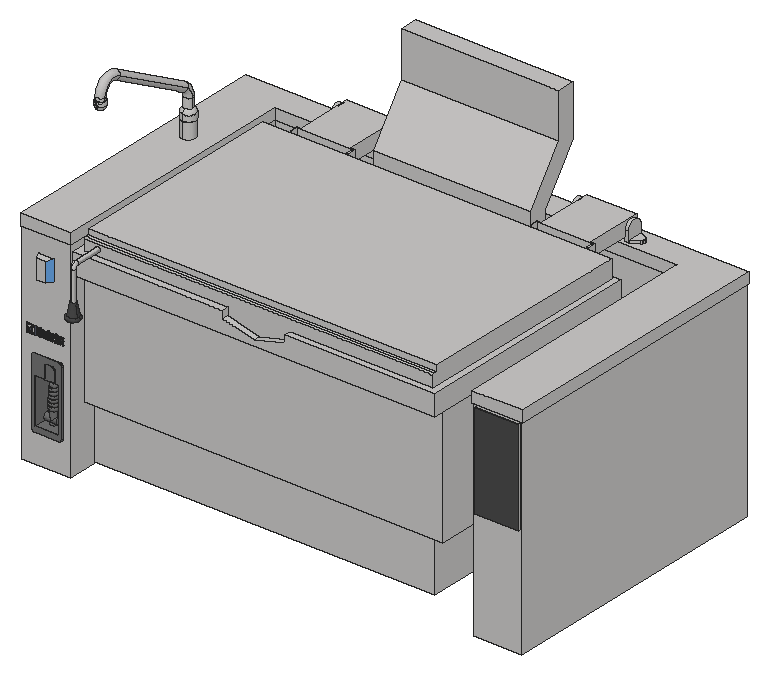
Revit family "QF_ELECTROLUXPROFESSIONAL_586933_PFET17GCCS", category Specialty Equipment, Revit 2018
Family settings
  Round Connector Dimension = Use Radius
  Part Type = Normal
  Work Plane-Based = No
  Always vertical = Yes
  Cut with Voids When Loaded = No
  Shared = Yes
  Room Calculation Point = No
Parameters (values of type "Standard")
  Weight = 300.00 kg
  Watts = 0 W
  Volts = 230 V
  URL Manufacturer = "http://professional.electrolux.com"
  URL = "http://professional.electrolux.com"
  Steam Supply Size = 0"
  Steam Supply Minimum Pressure = 0.00 psi
  Steam Supply Maximum Pressure = 0.00 psi
  Steam Pounds per Hour = 0
  Show Logo [instance] = yes
  Refrigeration Suction Line Size = 0"
  Refrigeration Liquid Line Size = 0"
  Refrigerant Compressor Remote = yes
  Plinth Base Finish [instance] = QF_Finishes_Concrete
  Plinth Base [instance] = not(Base Height = 500.00 mm)  # yes
  Phase = 1
  Model = "PFET17GCCS"
  Manufacturer = "Electrolux Professional"
  Length Actual = 1600.00 mm  # constant formula
  Item Number = "586933"
  Hot Water Size = 1/2"
  Height Actual = 700.00 mm  # constant formula
  HP = "0.3 HP"
  Gas Size = 1"
  Gas KW = 29
  Gas Input Pressure = 0.941485 Btu/h
  Direct Waste Size = 0"
  Description = "GAS TILTING BRAISING PAN,AUTO H/C WATER FILL INLET,SPRAY GUN, 170L,H700,COMPOUND,FS,D900,REAR CLS KIT,GUID.COOK.S"
  Depth Actual = 900.00 mm  # constant formula
  Cycle = 50 Hz
  Condensate Return Size = 0"
  Compressed Air Volume = 0 GPM
  Compressed Air Size = 0"
  Compressed Air Pressure = 0.00 psi
  Cold Water Size = 1/2"
  Bracket [instance] = Base Height = 500.00 mm  # no
  Body Finish [instance] = QF_Finishes_Stainless Steel
  Base Height = 200.00 mm
  Show Clearance [instance] = yes
  Assembly Code = ""
  Accessory = yes
Reference planes
  plane 1 "BACK": y = 0
  plane 2: z = 0
  plane 3 "LEFT": x = 0
  plane 4 "RIGHT": x = 1600
  plane 5 "FRONT": y = -900
  plane 6 "TOP": z = 900
  plane 7: z = 200
  plane 8 "Center": x = 800
  plane 9: y = -450
  plane 10: y = -971
  plane 11: z = 913.881
  plane 12: z = 1865
  plane 13: y = -1014
Forms (mm)
  Extrusion 1, solid, material "QF_Finishes_Stainless Steel" <- "Body Finish"
    sketch origin (0, 0, 900) x (-1, 0, 0) y (0, -1, 0)
      loop
        line (0, 0) -> (0, 900) -> (-160, 900) -> (-160, 86) -> (-1440, 86) -> (-1440, 900) -> (-1600, 900) -> (-1600, 0) -> (0, 0)
    from 0 to -35
  Extrusion 2, solid, material "QF_Finishes_Stainless Steel" <- "Body Finish"
    sketch origin (0, 0, 0) x (1, 0, 0) y (0, 0, 1)
      loop
        line (157, 865) -> (157, 500) -> (1443, 500) -> (1443, 865) -> (157, 865)
    from 3 to 83
  Extrusion 3, solid, material "QF_Finishes_Stainless Steel" <- "Body Finish"
    sketch origin (0, 0, 0) x (1, 0, 0) y (0, 0, 1)
      loop
        line (230, 454.5) -> (1370, 454.5) -> (1370, 833) -> (230, 833) -> (230, 454.5)
    from 235 to 929.3
  Extrusion 4, solid, material "QF_Finishes_Stainless Steel" <- "Body Finish"
    sketch origin (-975.299, -4572, 900) x (-1, 0, 0) y (0, -1, 0)
      loop
        line (-1300.839, -4342) -> (-1304.839, -4342) -> (-1304.839, -4362.7) -> (-1480.839, -4362.7) -> (-1480.839, -4342) -> (-1484.839, -4342) -> (-1484.839, -4366.7) -> (-1472.239, -4366.7) -> (-1472.239, -4549.945) -> (-1313.239, -4549.945) -> (-1313.239, -4366.7) -> (-1300.839, -4366.7) -> (-1300.839, -4342)
      loop
        line (-2249.759, -4342) -> (-2249.759, -4366.7) -> (-2237.359, -4366.7) -> (-2237.359, -4549.945) -> (-2078.359, -4549.945) -> (-2078.359, -4366.7) -> (-2065.759, -4366.7) -> (-2065.759, -4342) -> (-2069.759, -4342) -> (-2069.759, -4362.7) -> (-2245.759, -4362.7) -> (-2245.759, -4342) -> (-2249.759, -4342)
    from 11 to 56
  Sweep 5, solid, material "QF_Finishes_Stainless Steel" <- "Body Finish"
    path origin (287.976, -51.8, 0) x (0, 1, 0) y (0, 0, 1)
      loop
        line (-897.5, 920) -> (-985.5, 920)
        arc (-985.5, 920) -> (-994.07, 916.45) -> (-997.619, 907.881) r 12.119
        line (-997.619, 907.881) -> (-997.619, 813.956)
    profile origin (287.976, -993.3, 920) x (0, 0, -1) y (1, 0, 0)
      loop
        circle (0, 0) r 6.119
  Revolve 6, solid, material "QF_Finishes_Black"
    sketch origin (0, -1049.419, 0) x (1, 0, 0) y (0, 0, 1)
      loop
        line (287.976, 764.909) -> (304.041, 764.909)
        arc (304.041, 764.909) -> (309.041, 769.909) -> (304.041, 774.909) r 5
        line (304.041, 774.909) -> (296.452, 813.956) -> (287.976, 813.956) -> (287.976, 764.909)
      axis (287.976, 813.956) -> (287.976, 764.909)
    angle from 0 to 360
  Extrusion 7, void
    sketch origin (0, -820, 0) x (1, 0, 0) y (0, 0, 1)
      loop
        line (700.793, 900) -> (700.793, 876.744) -> (800.793, 851.202) -> (900.793, 876.744) -> (900.793, 900) -> (700.793, 900)
    from 129.3 to 151
  Extrusion 8, solid, material "QF_Finishes_Stainless Steel" <- "Body Finish"
    sketch origin (337.94, -101, 900) x (0, 1, 0) y (0, 0, -1)
      loop
        line (31, 0) -> (31, -32)
        arc (31, -32) -> (54.973, -55.973) -> (78.945, -32) r 23.973
        line (78.945, -32) -> (78.945, 0) -> (31, 0)
    from 0 to 12.9
  Extrusion 9, solid, material "QF_Finishes_Stainless Steel" <- "Body Finish"
    sketch origin (509.84, -101, 900) x (0, 1, 0) y (0, 0, -1)
      loop
        line (31, 0) -> (31, -32)
        arc (31, -32) -> (54.973, -55.973) -> (78.945, -32) r 23.973
        line (78.945, -32) -> (78.945, 0) -> (31, 0)
    from 0 to 12.9
  Extrusion 10, solid, material "QF_Finishes_Stainless Steel" <- "Body Finish"
    sketch origin (862.06, -101, 900) x (0, 1, 0) y (0, 0, 1)
      loop
        line (31, 0) -> (78.945, 0) -> (78.945, 32)
        arc (78.945, 32) -> (54.973, 55.973) -> (31, 32) r 23.973
        line (31, 32) -> (31, 0)
    from 400 to 412.9
  Extrusion 11, solid, material "QF_Finishes_Stainless Steel" <- "Body Finish"
    sketch origin (690.16, -101, 900) x (0, 1, 0) y (0, 0, 1)
      loop
        line (31, 0) -> (78.945, 0) -> (78.945, 32)
        arc (78.945, 32) -> (54.973, 55.973) -> (31, 32) r 23.973
        line (31, 32) -> (31, 0)
    from 400 to 412.9
  Extrusion 12, solid, material "QF_Finishes_Stainless Steel" <- "Body Finish"
    sketch origin (1443, -897, 0) x (1, 0, 0) y (0, 0, 1)
      loop
        line (7, 553.501) -> (147, 553.501) -> (147, 855) -> (7, 855) -> (7, 553.501)
    from 0 to 5
  Blend 13, solid, material "QF_Finishes_Stainless Steel" <- "Body Finish"
    base sketch origin (157, -897, 0) x (-1, 0, 0) y (0, 0, -1)
      loop
        line (100.5, -805.4) -> (100.5, -738.6) -> (53.5, -738.6) -> (53.5, -805.4) -> (100.5, -805.4)
    top sketch origin (157, -897, 0) x (-1, 0, 0) y (0, 0, -1)
      loop
        line (90.448, -802.617) -> (90.448, -741.383) -> (63.552, -741.383) -> (63.552, -802.617) -> (90.448, -802.617)
    from 0 to 20.065
  Extrusion 14, solid, material "QF_Finishes_Stainless Steel" <- "Body Finish"
    sketch origin (0, 0, 900) x (-1, 0, 0) y (0, -1, 0)
      loop
        line (-298.768, 36.346) -> (-295.234, 39.408) -> (-293.291, 43.662) -> (-293.291, 47.996) -> (-295.234, 52.592) -> (-298.768, 55.654) -> (-325.04, 70) -> (-325.04, 22) -> (-298.768, 36.346)
      loop
        line (-536.112, 36.346) -> (-509.84, 22) -> (-509.84, 70) -> (-536.112, 55.654) -> (-539.646, 52.592) -> (-541.589, 47.996) -> (-541.589, 43.662) -> (-539.646, 39.408) -> (-536.112, 36.346)
      loop
        line (-1063.888, 36.346) -> (-1060.354, 39.408) -> (-1058.411, 43.662) -> (-1058.411, 47.996) -> (-1060.354, 52.592) -> (-1063.888, 55.654) -> (-1090.16, 70) -> (-1090.16, 22) -> (-1063.888, 36.346)
      loop
        line (-1301.232, 36.346) -> (-1274.96, 22) -> (-1274.96, 70) -> (-1301.232, 55.654) -> (-1304.766, 52.592) -> (-1306.709, 47.996) -> (-1306.709, 43.662) -> (-1304.766, 39.408) -> (-1301.232, 36.346)
    from 0 to 8
  Extrusion 15, solid, material "QF_Finishes_Stainless Steel" <- "Body Finish"
    sketch origin (0, 0, 0) x (0, 1, 0) y (0, 0, 1)
      loop
        line (-934.3, 957.5) -> (-934.3, 939.75) -> (-946.264, 939.75)
        arc (-946.264, 939.75) -> (-948.435, 938.566) -> (-949.3, 936.25) r 3.536
        line (-949.3, 936.25) -> (-949.3, 900) -> (-240, 900) -> (-240, 957.5) -> (-934.3, 957.5)
    from 245.454 to 1355.493
  Revolve 16, solid, material "QF_Finishes_Stainless Steel" <- "Body Finish"
    sketch origin (-975.299, -4643, 730) x (-1, 0, 0) y (0, -1, 0)
      loop
        line (-1205.299, -4000) -> (-1138.736, -4000) -> (-1138.736, -4030) -> (-1132.299, -4030) -> (-1132.299, -3943) -> (-1205.299, -3943) -> (-1205.299, -4000)
      loop
        line (-2345.299, -4000) -> (-2345.299, -3943) -> (-2418.299, -3943) -> (-2418.299, -4030) -> (-2411.861, -4030) -> (-2411.861, -4000) -> (-2345.299, -4000)
      axis (-1132.299, -3943) -> (-2418.299, -3943)
    angle from 0 to 360
  Extrusion 17, solid, material "QF_Finishes_Stainless Steel" <- "Body Finish", visible <- "Bracket"
    sketch origin (0, 0, -400) x (0, 1, 0) y (0, 0, 1)
      loop
        line (0, 900) -> (-200, 900) -> (-200, 775) -> (-136.36, 711.36) -> (0, 711.36) -> (0, 900)
    from 25.741 to 134.773
  Extrusion 18, solid, material "QF_Finishes_Stainless Steel" <- "Body Finish", visible <- "Bracket"
    sketch origin (1040, 0, -400) x (0, 1, 0) y (0, 0, 1)
      loop
        line (0, 900) -> (-200, 900) -> (-200, 775) -> (-136.36, 711.36) -> (0, 711.36) -> (0, 900)
    from 425.741 to 534.773
  Extrusion 19, solid, material "QF_Finishes_Stainless Steel" <- "Body Finish"
    sketch origin (-975.299, -4572, 900) x (-1, 0, 0) y (0, -1, 0)
      loop
        line (-1199.802, -4342) -> (-1199.802, -3601) -> (-2353.192, -3601) -> (-2353.192, -4342) -> (-1199.802, -4342)
    from -67 to 0
  Extrusion 20, solid, material "QF_Finishes_Clearance", visible <- "Show Clearance", detail levels coarse
    sketch origin (337.94, -101, 900) x (0, 1, 0) y (0, 0, -1)
      loop
        line (78.945, -56) -> (-870, -56)
        arc (-870, -56) -> (-682.309, -622.559) -> (-193.481, -965) r 948.945
        line (-193.481, -965) -> (78.945, -56)
    from -1017.553 to 92.486
  Extrusion 21, solid, material "QF_Finishes_Clearance", visible <- "Show Clearance", detail levels coarse
    sketch origin (600, 0, 0) x (0, 1, 0) y (0, 0, 1)
      loop
        line (-929.3, 501.989) -> (-929.3, 833) -> (-971, 833) -> (-971, 900)
        arc (-971, 900) -> (-1019.265, 693.753) -> (-929.3, 501.989) r 322.819
    from -375.497 to 777.893
  Extrusion 22, solid, material "QF_Finishes_Stainless Steel"
    sketch origin (0, 0, 386.36) x (0, 0, 1) y (1, 0, 0)
      loop
        circle (8.64, 106.204) r 6.35
      loop
        circle (8.64, 46.204) r 6.35
      loop
        circle (-41.36, 75) r 12.7
    from 0 to 5
  Extrusion 23, solid, material "QF_Finishes_Stainless Steel"
    sketch origin (1040, 0, 386.36) x (0, 0, 1) y (1, 0, 0)
      loop
        circle (-66.36, 481.204) r 6.35
    from 0 to 5
  Extrusion 24, solid, material "QF_Finishes_Stainless Steel" <- "Body Finish"
    sketch origin (796.81, 0, 0) x (0, 1, 0) y (0, 0, 1)
      loop
        line (-180, 956) -> (-180, 598) -> (-230, 598) -> (-230, 540) -> (-122, 540) -> (-122, 937.155) -> (-10.18, 1091.061) -> (-10.18, 1254) -> (-68.18, 1254) -> (-68.18, 1109.907) -> (-180, 956)
    from -246.81 to 253.19
  Extrusion 25, solid, material "QF_Finishes_Stainless Steel" <- "Body Finish"
    sketch origin (0, 0, 29.5) x (1, 0, 0) y (0, 0, 1)
      loop
        line (256.991, 425) -> (256.991, 263.5) -> (1342.245, 263.5) -> (1342.245, 425) -> (256.991, 425)
    from 235 to 925
  Extrusion 26, solid, material "QF_Finishes_Stainless Steel" <- "Body Finish"
    sketch origin (0, -100, 0) x (1, 0, 0) y (0, 1, 0)
      loop
        line (157, 97) -> (3, 97) -> (3, -797) -> (157, -797) -> (157, 97)
      loop
        line (1597, 97) -> (1443, 97) -> (1443, -797) -> (1597, -797) -> (1597, 97)
    from 200 to 865
  Extrusion 27, solid, material "Navy Blue", visible <- "Show Logo"
    sketch origin (160, -897, 0) x (-1, 0, 0) y (0, 0, -1)
      loop
        line (101.332, -593.18) -> (109.793, -593.18) -> (109.793, -583.327)
        arc (109.793, -583.327) -> (108.679, -580.639) -> (105.991, -579.525) r 3.802
        line (105.991, -579.525) -> (101.168, -579.525) -> (101.168, -581.736) -> (105.441, -581.736)
        arc (105.441, -581.736) -> (106.845, -582.21) -> (107.442, -583.566) r 1.838
        line (107.442, -583.566) -> (107.442, -585.52) -> (101.698, -585.52) -> (101.698, -587.738) -> (107.442, -587.738) -> (107.442, -590.968) -> (101.332, -590.968) -> (101.332, -593.18)
      loop
        line (99.498, -593.18) -> (99.498, -579.525) -> (97.146, -579.525) -> (97.146, -593.18) -> (99.498, -593.18)
      loop
        line (48.417, -593.18) -> (48.417, -579.525) -> (46.064, -579.525) -> (46.064, -593.18) -> (48.417, -593.18)
      loop
        line (93.257, -583.886) -> (85.539, -583.886)
        arc (85.539, -583.886) -> (86.746, -588.126) -> (90.874, -589.672) r 4.89
        arc (90.874, -589.672) -> (94.51, -587.828) -> (95.548, -583.886) r 4.976
        arc (95.548, -583.886) -> (94.182, -580.589) -> (90.886, -579.224) r 4.662
        arc (90.886, -579.224) -> (88.32, -579.602) -> (86.169, -581.05) r 5.86
        line (86.169, -581.05) -> (87.562, -582.444)
        arc (87.562, -582.444) -> (89.391, -581.347) -> (91.516, -581.531) r 3.458
        arc (91.516, -581.531) -> (92.812, -582.394) -> (93.257, -583.886) r 2.29
      loop
        line (93.198, -585.539) -> (87.902, -585.539)
        arc (87.902, -585.539) -> (88.645, -587.103) -> (90.278, -587.679) r 2.256
        arc (90.278, -587.679) -> (92.162, -587.188) -> (93.198, -585.539) r 2.64
      loop
        line (76.371, -586.524) -> (74.894, -588)
        arc (74.894, -588) -> (76.746, -589.341) -> (78.997, -589.742) r 5.117
        arc (78.997, -589.742) -> (82.429, -588.487) -> (84.231, -585.308) r 5.293
        arc (84.231, -585.308) -> (81.194, -579.733) -> (74.977, -581.018) r 5.33
        line (74.977, -581.018) -> (76.446, -582.487)
        arc (76.446, -582.487) -> (79.616, -581.438) -> (81.887, -583.886) r 3.088
        arc (81.887, -583.886) -> (81.729, -585.821) -> (80.396, -587.234) r 2.933
        arc (80.396, -587.234) -> (78.264, -587.559) -> (76.371, -586.524) r 3.369
      loop
        line (73.45, -593.18) -> (73.45, -583.849)
        arc (73.45, -583.849) -> (73.246, -582.449) -> (72.722, -581.135) r 6.031
        arc (72.722, -581.135) -> (71.044, -579.8) -> (68.918, -579.519) r 4.018
        line (68.918, -579.519) -> (68.918, -581.723)
        arc (68.918, -581.723) -> (69.55, -581.771) -> (70.139, -582.005) r 2.118
        arc (70.139, -582.005) -> (70.895, -582.804) -> (71.098, -583.886) r 1.949
        line (71.098, -583.886) -> (71.098, -587.265) -> (68.962, -587.265) -> (68.962, -589.401) -> (71.098, -589.401) -> (71.098, -593.18) -> (73.45, -593.18)
      loop
        arc (64.65, -584.717) -> (64.482, -585.701) -> (63.997, -586.574) r 2.967
        arc (63.997, -586.574) -> (62.588, -587.297) -> (61.004, -587.265) r 3.231
        line (61.004, -587.265) -> (61.004, -589.525)
        arc (61.004, -589.525) -> (63.073, -589.33) -> (64.65, -587.977) r 3.432
        line (64.65, -587.977) -> (64.65, -589.401) -> (66.983, -589.401) -> (66.983, -579.525) -> (64.65, -579.525) -> (64.65, -584.717)
      loop
        circle (55.254, -584.461) r 5.233
      loop
        circle (55.254, -584.461) r 3.172
      loop
        arc (37.582, -583.638) -> (38.162, -582.041) -> (39.738, -581.405) r 2.088
        arc (39.738, -581.405) -> (41.313, -582.041) -> (41.894, -583.638) r 2.088
        line (41.894, -583.638) -> (41.894, -589.401) -> (44.266, -589.401) -> (44.266, -583.442)
        arc (44.266, -583.442) -> (42.916, -580.365) -> (39.738, -579.275) r 4.181
        arc (39.738, -579.275) -> (36.524, -580.398) -> (35.211, -583.539) r 4.181
        line (35.211, -583.539) -> (35.211, -589.401) -> (37.582, -589.401) -> (37.582, -583.638)
      loop
        line (33.789, -589.401) -> (30.374, -584.764) -> (34.126, -579.522) -> (31.598, -579.522) -> (29.107, -583.001) -> (26.58, -579.522) -> (24.068, -579.522) -> (27.767, -584.817) -> (24.385, -589.401) -> (26.952, -589.401) -> (29.115, -586.469) -> (31.245, -589.401) -> (33.789, -589.401)
      loop
        line (108.47, -573.865) -> (110.346, -573.865) -> (110.346, -569.143) -> (109.319, -569.143) -> (109.319, -570.769) -> (108.185, -570.769)
        arc (108.185, -570.769) -> (106.916, -572.447) -> (108.47, -573.865) r 1.561
      loop
        arc (108.23, -571.697) -> (107.841, -572.304) -> (108.23, -572.911) r 0.668
        line (108.23, -572.911) -> (109.319, -572.911) -> (109.319, -571.697) -> (108.23, -571.697)
      loop
        line (101.061, -573.865) -> (102.968, -573.865) -> (102.968, -569.143) -> (101.942, -569.143) -> (101.942, -570.769) -> (100.949, -570.769) -> (100.27, -569.143) -> (99.168, -569.143) -> (100.097, -571.134)
        arc (100.097, -571.134) -> (99.652, -571.665) -> (99.502, -572.343) r 1.458
        arc (99.502, -572.343) -> (99.971, -573.421) -> (101.061, -573.865) r 1.559
      loop
        line (101.942, -572.911) -> (101.942, -571.697) -> (100.852, -571.697)
        arc (100.852, -571.697) -> (100.464, -572.304) -> (100.852, -572.911) r 0.668
        line (100.852, -572.911) -> (101.942, -572.911)
      loop
        circle (93.139, -571.504) r 2.453
      loop
        circle (93.139, -571.504) r 1.557
      loop
        line (86.655, -573.865) -> (86.655, -569.143) -> (85.654, -569.143) -> (85.654, -570.793) -> (83.876, -570.793) -> (83.876, -571.851) -> (85.654, -571.851) -> (85.654, -572.847) -> (83.706, -572.847) -> (83.706, -573.865) -> (86.655, -573.865)
      loop
        line (79.724, -573.865) -> (79.724, -570.677)
        arc (79.724, -570.677) -> (79.288, -569.596) -> (78.213, -569.146) r 1.51
        line (78.213, -569.146) -> (76.689, -569.146) -> (76.689, -570.038) -> (78.122, -570.038)
        arc (78.122, -570.038) -> (78.65, -570.475) -> (78.753, -571.151) r 0.961
        line (78.753, -571.151) -> (76.866, -571.151) -> (76.866, -572.043) -> (78.753, -572.043) -> (78.753, -572.973) -> (76.735, -572.973) -> (76.735, -573.865) -> (79.724, -573.865)
      loop
        arc (62.624, -573.267) -> (63.249, -573.78) -> (64.041, -573.943) r 1.69
        arc (64.041, -573.943) -> (64.773, -573.764) -> (65.374, -573.31) r 1.872
        arc (65.374, -573.31) -> (65.486, -572.238) -> (64.794, -571.411) r 1.385
        arc (64.794, -571.411) -> (64.212, -571.217) -> (63.66, -570.95) r 4.78
        arc (63.66, -570.95) -> (63.312, -570.539) -> (63.552, -570.057) r 0.489
        arc (63.552, -570.057) -> (63.998, -569.952) -> (64.442, -570.065) r 0.963
        arc (64.442, -570.065) -> (64.826, -570.341) -> (65.061, -570.752) r 1.118
        line (65.061, -570.752) -> (65.887, -570.367)
        arc (65.887, -570.367) -> (65.589, -569.793) -> (65.11, -569.36) r 1.815
        arc (65.11, -569.36) -> (64.566, -569.127) -> (63.978, -569.068) r 1.957
        arc (63.978, -569.068) -> (63.25, -569.213) -> (62.595, -569.561) r 2.556
        arc (62.595, -569.561) -> (62.305, -570.331) -> (62.455, -571.139) r 1.535
        arc (62.455, -571.139) -> (62.778, -571.512) -> (63.19, -571.781) r 1.779
        arc (63.19, -571.781) -> (63.712, -572.014) -> (64.248, -572.215) r 9.371
        arc (64.248, -572.215) -> (64.557, -572.696) -> (64.11, -573.053) r 0.427
        arc (64.11, -573.053) -> (63.575, -572.924) -> (63.163, -572.558) r 1.135
        line (63.163, -572.558) -> (62.624, -573.267)
      loop
        line (58.291, -573.865) -> (58.291, -569.146) -> (57.321, -569.146) -> (57.321, -573.865) -> (58.291, -573.865)
      loop
        circle (50.779, -571.506) r 1.468
      loop
        circle (50.779, -571.506) r 2.451
      loop
        line (44.27, -569.146) -> (43.289, -569.146) -> (43.289, -572.113) -> (41.131, -569.146) -> (40.187, -569.146) -> (40.187, -573.865) -> (41.168, -573.865) -> (41.168, -570.808) -> (43.326, -573.865) -> (44.27, -573.865) -> (44.27, -569.146)
      loop
        line (35.295, -569.146) -> (34.836, -570.164) -> (33.09, -570.164) -> (32.631, -569.146) -> (31.588, -569.146) -> (33.581, -573.865) -> (34.491, -573.865) -> (36.337, -569.146) -> (35.295, -569.146)
      loop
        line (33.526, -571.132) -> (33.993, -572.169) -> (34.447, -571.132) -> (33.526, -571.132)
      loop
        line (26.769, -570.038) -> (26.769, -573.865) -> (27.739, -573.865) -> (27.739, -569.146) -> (24.954, -569.146) -> (24.954, -570.038) -> (26.769, -570.038)
      loop
        arc (69.698, -573.267) -> (70.324, -573.78) -> (71.116, -573.943) r 1.69
        arc (71.116, -573.943) -> (71.847, -573.764) -> (72.449, -573.31) r 1.872
        arc (72.449, -573.31) -> (72.56, -572.238) -> (71.868, -571.411) r 1.385
        arc (71.868, -571.411) -> (71.287, -571.217) -> (70.735, -570.95) r 4.78
        arc (70.735, -570.95) -> (70.386, -570.539) -> (70.627, -570.057) r 0.489
        arc (70.627, -570.057) -> (71.073, -569.952) -> (71.517, -570.065) r 0.963
        arc (71.517, -570.065) -> (71.901, -570.341) -> (72.136, -570.752) r 1.118
        line (72.136, -570.752) -> (72.961, -570.367)
        arc (72.961, -570.367) -> (72.664, -569.793) -> (72.184, -569.36) r 1.815
        arc (72.184, -569.36) -> (71.64, -569.127) -> (71.052, -569.068) r 1.957
        arc (71.052, -569.068) -> (70.325, -569.213) -> (69.669, -569.561) r 2.556
        arc (69.669, -569.561) -> (69.38, -570.331) -> (69.529, -571.139) r 1.535
        arc (69.529, -571.139) -> (69.852, -571.512) -> (70.265, -571.781) r 1.779
        arc (70.265, -571.781) -> (70.787, -572.014) -> (71.322, -572.215) r 9.371
        arc (71.322, -572.215) -> (71.632, -572.696) -> (71.185, -573.053) r 0.427
        arc (71.185, -573.053) -> (70.649, -572.924) -> (70.238, -572.558) r 1.135
        line (70.238, -572.558) -> (69.698, -573.267)
      loop
        line (124.467, -593.367) -> (124.467, -568.534)
        arc (124.467, -568.534) -> (115.287, -580.95) -> (124.467, -593.367) r 12.987
      loop
        arc (125.423, -593.446) -> (135.891, -591.227) -> (141.022, -581.837) r 12.809
        line (141.022, -581.837) -> (135.422, -581.837)
        arc (135.422, -581.837) -> (128.84, -585.012) -> (125.423, -591.472) r 11.707
        line (125.423, -591.472) -> (125.423, -593.446)
      loop
        arc (125.73, -570.332) -> (129.585, -577.251) -> (136.925, -580.23) r 11.93
        line (136.925, -580.23) -> (141.033, -580.23)
        arc (141.033, -580.23) -> (136.066, -570.804) -> (125.73, -568.215) r 13.06
        line (125.73, -568.215) -> (125.73, -570.332)
      loop
        line (141.976, -594.722) -> (141.976, -567.122) -> (114.339, -567.122) -> (114.339, -594.722) -> (141.976, -594.722)
    from 0 to 0.697
  Extrusion 28, void
    sketch origin (0, -900, 0) x (1, 0, 0) y (0, 0, 1)
      loop
        line (125.4, 500.944) -> (43.4, 500.944) -> (43.4, 305.944) -> (125.4, 305.944) -> (125.4, 500.944)
    from 0 to -63
Cuts and joins
  Extrusion 7 cuts Extrusion 19
  joined: Extrusion 3, Extrusion 15, Extrusion 19
  Extrusion 28 cuts Extrusion 26
Lines and regions (mm)
  Split face 1
    outline origin (1443, -902, 0) x (1, 0, 0) y (0, 0, 1)
      loop
        line (7.625, 638.501) -> (7.625, 554.126) -> (146.375, 554.126) -> (146.375, 638.501) -> (7.625, 638.501)
  Split face 2
    outline origin (1443, -902, 0) x (1, 0, 0) y (0, 0, 1)
      loop
        line (21.373, 638.501) -> (132.623, 638.501) -> (132.623, 843.501) -> (21.373, 843.501) -> (21.373, 638.501)
  symbolic lines
    curve 1: line (1600, 0, 900) -> (0, 0, 900)
    curve 2: line (1600, -900, 900) -> (1600, 0, 900)
    curve 3: line (1440, -900, 900) -> (1600, -900, 900)
    curve 4: line (1440, -86, 900) -> (1440, -900, 900)
    curve 5: line (0, 0, 900) -> (0, -900, 900)
    curve 6: line (160, -900, 900) -> (160, -86, 900)
    curve 7: line (0, -900, 900) -> (160, -900, 900)
    curve 8: line (160, -86, 900) -> (337.94, -86, 900)
    curve 9: line (1262.06, -86, 900) -> (1440, -86, 900)
    curve 10: line (224.503, -230, 900) -> (325.54, -230, 900)
    curve 11: line (329.54, -230, 900) -> (505.54, -230, 900)
    curve 12: line (509.54, -230, 900) -> (1090.46, -230, 900)
    curve 13: line (1094.46, -230, 900) -> (1270.46, -230, 900)
    curve 14: line (1377.893, -230, 900) -> (1274.46, -230, 900)
    curve 15: line (1377.893, -230, 900) -> (1377.893, -971, 900)
    curve 16: line (224.503, -230, 900) -> (224.503, -971, 900)
    curve 17: line (1440, -572, 900) -> (1377.893, -572, 900)
    curve 18: line (1440, -686, 900) -> (1377.893, -686, 900)
    curve 19: line (160, -572, 900) -> (224.503, -572, 900)
    curve 20: line (160, -686, 900) -> (224.503, -686, 900)
    curve 28: line (496.94, -86, 900) -> (550, -86, 900)
    curve 29: arc (281.802, -1030.524, 900) -> (287.797, -1069.585, 900) -> (294.033, -1030.562, 900) r 20
    curve 30: line (1050, -86, 900) -> (1103.06, -86, 900)
  symbolic lines, style "QF-Clearances", visible <- "Show Clearance", detail levels coarse
    curve 21: line (550, -550, 900) -> (1050, -550, 900)
    curve 22: line (550, -1750, 900) -> (550, -550, 900)
    curve 23: line (1050, -1750, 900) -> (550, -1750, 900)
    curve 24: line (1050, -550, 900) -> (1050, -1750, 900)
    curve 25: line (550, -1150, 900) -> (750, -1750, 900)
    curve 26: line (1050, -1150, 900) -> (850, -1750, 900)
    curve 27: circle (800, -1700, 900) r 25 normal (0, 0, 1)
Dimensions and locks
  plane 3 "LEFT" to plane 4 "RIGHT" = 1600.00 mm
  plane 4 "RIGHT" to plane 3 "LEFT" = 1600.00 mm
  plane 1 "BACK" to plane 5 "FRONT" = 900.00 mm
  plane 5 "FRONT" to plane 1 "BACK" = 900.00 mm
  plane 6 "TOP" to level = 900.00 mm
  "Base Height": plane 7 to level
  equal spacing: plane 5 "FRONT", plane 9, plane 1 "BACK"
  equal spacing: plane 3 "LEFT", plane 8 "Center", plane 4 "RIGHT"
  plane 10 to plane 1 "BACK" = 971.00 mm
  plane 6 "TOP" to Extrusion 3 sketch curve to Extrusion 3 sketch curve = 67.00 mm locked, 378.50 mm locked
  plane 6 "TOP" to Extrusion 12 sketch curve to Extrusion 12 sketch curve = 45.00 mm locked, 301.499 mm locked
  plane 6 "TOP" to Extrusion 17 sketch curve to Extrusion 17 sketch curve to Extrusion 17 sketch curve = 400.00 mm locked, 125.00 mm locked, 63.64 mm locked
  plane 6 "TOP" to Extrusion 18 sketch curve to Extrusion 18 sketch curve to Extrusion 18 sketch curve = 400.00 mm locked, 125.00 mm locked, 63.64 mm locked
  locked: cut or joined group of Extrusion 3, Extrusion 7, Extrusion 15, Extrusion 19 to plane 4 "RIGHT" at 244.507
  Extrusion 14 sketch curve to Extrusion 14 sketch curve to Extrusion 8 to Extrusion 4 to Extrusion 14 sketch curve to Extrusion 14 sketch curve = 31.749 mm locked, 12.90 mm locked, 159.00 mm locked, 12.90 mm locked, 31.749 mm locked
  plane 4 "RIGHT" to Extrusion 10 to Extrusion 10 to Extrusion 11 to Extrusion 11 = 325.04 mm locked, 12.90 mm locked, 159.00 mm locked, 12.90 mm locked
  Extrusion 9 to Extrusion 9 to Extrusion 8 to Extrusion 8 to plane 3 "LEFT" = 12.90 mm locked, 159.00 mm locked, 12.90 mm locked, 325.04 mm locked
  Extrusion 14 sketch curve to Extrusion 14 sketch curve to Extrusion 14 sketch curve to Extrusion 14 sketch curve to plane 4 "RIGHT" = 31.749 mm locked, 184.80 mm locked, 31.749 mm locked, 293.291 mm locked
  Extrusion 4 sketch curve to Extrusion 4 sketch curve to Extrusion 4 sketch curve to Extrusion 4 sketch curve to Extrusion 4 sketch curve to Extrusion 4 sketch curve to plane 4 "RIGHT" = 4.00 mm locked, 8.60 mm locked, 159.00 mm locked, 8.40 mm locked, 4.00 mm locked, 325.54 mm locked
  Extrusion 18 to Extrusion 18 to plane 4 "RIGHT" = 109.032 mm locked, 25.227 mm locked
  Extrusion 7 sketch curve to plane 8 "Center" to Extrusion 7 sketch curve = 100.793 mm locked, 99.207 mm locked
  plane 5 "FRONT" to Extrusion 15 sketch curve to Extrusion 15 sketch curve to Extrusion 15 sketch curve = 34.30 mm, 11.964 mm, 3.036 mm
  plane 5 "FRONT" to Sweep 5 sketch curve to Sweep 5 sketch curve to Sweep 5 sketch curve = 49.30 mm, 88.00 mm, 12.119 mm locked
  locked: plane 5 "FRONT" to Revolve 6 at 149.419
  plane 6 "TOP" to Extrusion 2 sketch curve to Extrusion 2 sketch curve = 35.00 mm locked, 365.00 mm locked
  plane 12 to plane 6 "TOP" = 965.00 mm
  locked: Extrusion 21 to plane 4 "RIGHT" at 222.107
  plane 1 "BACK" to plane 13 = 1014.00 mm
  Extrusion 22 sketch curve to Extrusion 22 sketch curve to plane 6 "TOP" = 50.00 mm locked, 505.00 mm locked
  plane 6 "TOP" to Extrusion 25 sketch curve to Extrusion 25 sketch curve = 445.50 mm locked, 161.50 mm locked
  Extrusion 24 to level = 1254.00 mm
  aligned and locked: level to plane 2
  aligned: plane 6 "TOP" to Extrusion 1
  aligned and locked: plane 6 "TOP" to Extrusion 1
  aligned and locked: Revolve 16 to cut or joined group of Extrusion 3, Extrusion 7, Extrusion 15, Extrusion 19
  aligned and locked: cut or joined group of Extrusion 3, Extrusion 7, Extrusion 15, Extrusion 19 to Revolve 16
  aligned: plane 5 "FRONT" to cut or joined group of Extrusion 3, Extrusion 7, Extrusion 15, Extrusion 19
  aligned: cut or joined group of Extrusion 3, Extrusion 7, Extrusion 15, Extrusion 19 to Sweep 5 sketch curve
  aligned: cut or joined group of Extrusion 3, Extrusion 7, Extrusion 15, Extrusion 19 to plane 10
  aligned: Sweep 5 to cut or joined group of Extrusion 3, Extrusion 7, Extrusion 15, Extrusion 19
  aligned: Extrusion 19 to Extrusion 7
  aligned: Extrusion 2 to cut or joined group of Extrusion 3, Extrusion 7, Extrusion 15, Extrusion 19
  aligned and locked: Extrusion 20 to cut or joined group of Extrusion 3, Extrusion 7, Extrusion 15, Extrusion 19  (x2)
  aligned and locked: cut or joined group of Extrusion 3, Extrusion 7, Extrusion 15, Extrusion 19 to Extrusion 21
  aligned and locked: curve 8 to Extrusion 1
  aligned and locked: Extrusion 4 to curve 12  (x2)
  aligned and locked: Extrusion 4 to curve 11  (x2)
  aligned and locked: Extrusion 4 to curve 10
  aligned and locked: curve 16 to cut or joined group of Extrusion 3, Extrusion 7, Extrusion 15, Extrusion 19
  aligned and locked: curve 6 to Extrusion 1
  aligned and locked: Extrusion 4 to curve 13
  aligned and locked: cut or joined group of Extrusion 3, Extrusion 7, Extrusion 15, Extrusion 19 to Extrusion 21 sketch curve
Automatic sketch dimensions
  Extrusion 17 sketch curve to plane 1 "BACK" = 0.00 mm
  plane 1 "BACK" to Extrusion 17 sketch curve = 136.36 mm
  Extrusion 17 sketch curve to Extrusion 17 sketch curve = 63.64 mm
  Extrusion 18 sketch curve to plane 1 "BACK" = 0.00 mm
  plane 1 "BACK" to Extrusion 18 sketch curve = 136.36 mm
  Extrusion 18 sketch curve to Extrusion 18 sketch curve = 63.64 mm
  plane 1 "BACK" to Extrusion 1 sketch curve = 0.00 mm
  Extrusion 1 sketch curve to plane 4 "RIGHT" = 0.00 mm
  plane 5 "FRONT" to Extrusion 1 sketch curve = 0.00 mm  (x2)
  Extrusion 1 sketch curve to plane 3 "LEFT" = 0.00 mm
  Extrusion 1 sketch curve to plane 4 "RIGHT" = 160.00 mm
  plane 3 "LEFT" to Extrusion 1 sketch curve = 160.00 mm
  plane 1 "BACK" to Extrusion 1 sketch curve = 86.00 mm
  plane 3 "LEFT" to Extrusion 2 sketch curve = 157.00 mm
  Extrusion 2 sketch curve to plane 4 "RIGHT" = 157.00 mm
  plane 3 "LEFT" to Extrusion 3 sketch curve = 230.00 mm
  Extrusion 3 sketch curve to plane 4 "RIGHT" = 230.00 mm
  Extrusion 4 sketch curve to plane 8 "Center" = 290.46 mm
  Extrusion 4 sketch curve to Extrusion 4 sketch curve = 4.00 mm  (x4)
  Extrusion 4 sketch curve to Extrusion 4 sketch curve = 8.60 mm
  plane 1 "BACK" to Extrusion 4 sketch curve = 22.055 mm  (x2)
  Extrusion 4 sketch curve to Extrusion 4 sketch curve = 159.00 mm
  Extrusion 4 sketch curve to Extrusion 4 sketch curve = 8.40 mm
  Extrusion 4 sketch curve to Extrusion 4 sketch curve = 183.245 mm  (x2)
  Extrusion 4 sketch curve to Extrusion 4 sketch curve = 0.00 mm  (x2)
  Extrusion 4 sketch curve to Extrusion 4 sketch curve = 20.70 mm  (x4)
  plane 6 "TOP" to Sweep 5 sketch curve = 7.881 mm
  Sweep 5 sketch curve to plane 6 "TOP" = 86.044 mm
  Sweep 5 sketch curve to profile plane = 0.00 mm  (x2)
  Revolve 6 sketch curve to plane 6 "TOP" = 135.091 mm
  plane 3 "LEFT" to Revolve 6 sketch curve = 287.976 mm
  Revolve 6 sketch curve to plane 6 "TOP" = 86.044 mm
  Revolve 6 sketch curve to Revolve 6 sketch curve = 8.475 mm
  Revolve 6 sketch curve to Revolve 6 sketch curve = 16.065 mm
  Revolve 6 sketch curve to Revolve 6 sketch curve = 5.00 mm
  Revolve 6 sketch curve to Revolve 6 sketch curve = 0.00 mm
  Revolve 6 sketch curve to Revolve 6 sketch curve = 19.523 mm
  Revolve 6 sketch curve to Revolve 6 sketch curve = 6.381 mm
  plane 8 "Center" to Extrusion 7 sketch curve = 0.793 mm
  Extrusion 7 sketch curve to plane 6 "TOP" = 48.798 mm
  Extrusion 7 sketch curve to plane 6 "TOP" = 23.256 mm  (x2)
  plane 6 "TOP" to Extrusion 7 sketch curve = 0.00 mm
  Extrusion 8 sketch curve to Extrusion 4 = 0.00 mm
  Extrusion 4 to Extrusion 8 sketch curve = 23.973 mm
  Extrusion 4 to Extrusion 8 sketch curve = 21.00 mm
  Extrusion 8 sketch curve to Extrusion 4 = 11.00 mm
  Extrusion 9 sketch curve to plane 6 "TOP" = 0.00 mm
  plane 1 "BACK" to Extrusion 9 sketch curve = 70.00 mm
  Extrusion 9 sketch curve to Extrusion 9 sketch curve = 23.973 mm
  plane 6 "TOP" to Extrusion 9 sketch curve = 32.00 mm
  Extrusion 10 sketch curve to plane 6 "TOP" = 0.00 mm
  plane 1 "BACK" to Extrusion 10 sketch curve = 70.00 mm
  Extrusion 10 sketch curve to Extrusion 10 sketch curve = 23.973 mm
  Extrusion 10 sketch curve to Extrusion 10 sketch curve = 32.00 mm
  Extrusion 11 sketch curve to plane 6 "TOP" = 0.00 mm
  plane 1 "BACK" to Extrusion 11 sketch curve = 70.00 mm
  Extrusion 11 sketch curve to Extrusion 11 sketch curve = 23.973 mm
  Extrusion 11 sketch curve to Extrusion 11 sketch curve = 32.00 mm
  Extrusion 12 sketch curve to plane 4 "RIGHT" = 150.00 mm
  Extrusion 12 sketch curve to plane 4 "RIGHT" = 10.00 mm
  plane 3 "LEFT" to Blend 13 sketch curve = 103.50 mm
  Blend 13 sketch curve to Blend 13 sketch curve = 47.00 mm
  Blend 13 sketch curve to plane 6 "TOP" = 94.60 mm
  Blend 13 sketch curve to Blend 13 sketch curve = 66.80 mm
  plane 3 "LEFT" to Blend 13 sketch curve = 93.448 mm
  Blend 13 sketch curve to Blend 13 sketch curve = 26.896 mm
  Blend 13 sketch curve to plane 6 "TOP" = 97.383 mm
  Blend 13 sketch curve to Blend 13 sketch curve = 61.233 mm
  plane 1 "BACK" to Extrusion 14 sketch curve = 52.592 mm  (x4)
  Extrusion 14 sketch curve to Extrusion 14 sketch curve = 1.943 mm  (x4)
  plane 1 "BACK" to Extrusion 14 sketch curve = 39.408 mm  (x4)
  plane 1 "BACK" to Extrusion 14 sketch curve = 36.346 mm  (x4)
  Extrusion 14 sketch curve to Extrusion 14 sketch curve = 3.534 mm  (x8)
  plane 1 "BACK" to Extrusion 14 sketch curve = 55.654 mm  (x4)
  Extrusion 14 sketch curve to Extrusion 14 sketch curve = 5.477 mm  (x4)
  plane 1 "BACK" to Extrusion 14 sketch curve = 22.00 mm  (x4)
  Extrusion 14 sketch curve to Extrusion 14 sketch curve = 4.254 mm  (x4)
  Extrusion 14 sketch curve to Extrusion 14 sketch curve = 4.334 mm  (x4)
  Extrusion 14 sketch curve to Extrusion 14 sketch curve = 14.346 mm  (x4)
  Extrusion 15 sketch curve to plane 6 "TOP" = 0.00 mm
  Extrusion 15 sketch curve to Extrusion 15 sketch curve = 0.50 mm
  plane 9 to Extrusion 15 sketch curve = 210.00 mm
  Extrusion 15 sketch curve to Extrusion 15 sketch curve = 36.25 mm
  Extrusion 15 sketch curve to Extrusion 15 sketch curve = 57.50 mm
  Revolve 16 sketch curve to plane 4 "RIGHT" = 157.00 mm
  Revolve 16 sketch curve to Revolve 16 sketch curve = 6.437 mm  (x2)
  Revolve 16 sketch curve to Revolve 16 sketch curve = 66.563 mm  (x2)
  plane 3 "LEFT" to Revolve 16 sketch curve = 230.00 mm
  Revolve 16 sketch curve to plane 9 = 163.00 mm  (x2)
  Revolve 16 sketch curve to Revolve 16 sketch curve = 30.00 mm  (x2)
  Revolve 16 sketch curve to Revolve 16 sketch curve = 57.00 mm  (x2)
  Revolve 16 sketch curve to Revolve 16 sketch curve = 5.497 mm  (x2)
  Revolve 16 sketch curve to Revolve 16 sketch curve = 0.00 mm
  Split face 1 sketch curve to Extrusion 12 = 0.625 mm  (x3)
  Split face 1 sketch curve to Split face 1 sketch curve = 84.375 mm
  Split face 2 sketch curve to Extrusion 12 = 14.373 mm
  Split face 2 sketch curve to Extrusion 12 = 14.377 mm
  Split face 2 sketch curve to Extrusion 12 = 85.00 mm
  Split face 2 sketch curve to Extrusion 12 = 11.499 mm
  Extrusion 19 sketch curve to plane 10 = 0.00 mm
  Extrusion 19 sketch curve to plane 4 "RIGHT" = 222.107 mm
  plane 3 "LEFT" to Extrusion 19 sketch curve = 224.503 mm
  plane 9 to Extrusion 19 sketch curve = 220.00 mm
  Extrusion 4 to Extrusion 20 sketch curve = 0.00 mm
  Extrusion 20 sketch curve to Extrusion 4 = 0.00 mm  (x2)
  Extrusion 4 to Extrusion 20 sketch curve = 89.181 mm
  Extrusion 4 to Extrusion 20 sketch curve = 765.70 mm
  Extrusion 21 sketch curve to plane 6 "TOP" = 0.00 mm
  Extrusion 21 sketch curve to plane 10 = 0.00 mm
  plane 5 "FRONT" to Extrusion 21 sketch curve = 29.30 mm
  Extrusion 21 sketch curve to plane 5 "FRONT" = 201.797 mm
  Extrusion 21 sketch curve to plane 6 "TOP" = 172.609 mm
  curve 3 to plane 4 "RIGHT" = 0.00 mm
  plane 5 "FRONT" to curve 3 = 0.00 mm
  curve 15 to plane 10 = 0.00 mm
  plane 1 "BACK" to curve 5 = 0.00 mm
  curve 5 to plane 3 "LEFT" = 0.00 mm
  plane 5 "FRONT" to curve 5 = 0.00 mm
  curve 16 to plane 10 = 0.00 mm
  curve 3 to plane 4 "RIGHT" = 160.00 mm
  curve 4 to curve 15 = 62.107 mm
  plane 13 to curve 29 = 35.585 mm
  curve 29 to curve 16 = 63.356 mm
  plane 1 "BACK" to curve 4 = 86.00 mm
  curve 6 to curve 16 = 144.00 mm
  curve 4 to curve 15 = 144.00 mm
  curve 14 to curve 14 = 103.433 mm
  curve 14 to curve 13 = 4.00 mm
  curve 13 to curve 9 = 8.40 mm
  curve 30 to curve 13 = 8.60 mm
  curve 30 to curve 30 = 53.06 mm
  curve 28 to curve 12 = 40.46 mm
  curve 28 to curve 28 = 53.06 mm
  curve 8 to curve 11 = 8.40 mm
  curve 29 to curve 29 = 6.175 mm
  curve 29 to curve 29 = 12.232 mm
  plane 1 "BACK" to curve 28 = 86.00 mm
  plane 1 "BACK" to curve 30 = 86.00 mm
  curve 30 to curve 12 = 144.00 mm
  curve 10 to curve 11 = 0.00 mm
  curve 12 to curve 13 = 0.00 mm
  curve 19 to plane 9 = 122.00 mm
  curve 17 to plane 9 = 122.00 mm
  curve 17 to curve 18 = 114.00 mm
  curve 19 to curve 20 = 114.00 mm
  plane 13 to curve 29 = 16.524 mm
  Extrusion 17 to Extrusion 22 sketch curve = 28.569 mm
  Extrusion 22 sketch curve to Extrusion 22 sketch curve = 50.00 mm
  Extrusion 17 to Extrusion 22 sketch curve = 49.259 mm
  Extrusion 17 to Extrusion 22 sketch curve = 20.463 mm
  Extrusion 18 to Extrusion 23 sketch curve = 8.64 mm
  Extrusion 18 to Extrusion 23 sketch curve = 53.569 mm
  curve 27 to plane 8 "Center" = 0.00 mm
  curve 24 to plane 9 = 100.00 mm
  plane 8 "Center" to curve 24 = 250.00 mm
  curve 22 to plane 8 "Center" = 250.00 mm
  plane 13 to curve 27 = 686.00 mm
  curve 27 to curve 22 = 50.00 mm
  plane 8 "Center" to curve 26 = 50.00 mm
  curve 25 to plane 8 "Center" = 50.00 mm
  plane 13 to curve 26 = 136.00 mm
  plane 13 to curve 25 = 136.00 mm
  plane 9 to Extrusion 24 sketch curve = 220.00 mm
  Extrusion 24 sketch curve to Extrusion 24 sketch curve = 50.00 mm
  Extrusion 24 sketch curve to Extrusion 24 sketch curve = 58.00 mm  (x2)
  plane 1 "BACK" to Extrusion 24 sketch curve = 68.18 mm
  plane 1 "BACK" to Extrusion 24 sketch curve = 10.18 mm
  plane 7 to Extrusion 24 sketch curve = 340.00 mm
  plane 6 "TOP" to Extrusion 24 sketch curve = 37.155 mm
  plane 6 "TOP" to Extrusion 24 sketch curve = 56.00 mm
  Extrusion 24 sketch curve to Extrusion 24 sketch curve = 153.907 mm
  Extrusion 24 sketch curve to Extrusion 24 sketch curve = 18.845 mm
  Extrusion 24 sketch curve to Extrusion 24 sketch curve = 144.093 mm
  plane 3 "LEFT" to Extrusion 25 sketch curve = 256.991 mm
  Extrusion 25 sketch curve to plane 4 "RIGHT" = 257.755 mm
  plane 3 "LEFT" to Extrusion 26 sketch curve = 3.00 mm
  plane 1 "BACK" to Extrusion 26 sketch curve = 3.00 mm  (x2)
  Extrusion 26 sketch curve to Extrusion 26 sketch curve = 154.00 mm
  Extrusion 26 sketch curve to plane 4 "RIGHT" = 157.00 mm
  Extrusion 26 sketch curve to plane 4 "RIGHT" = 3.00 mm
  Extrusion 26 sketch curve to plane 5 "FRONT" = 3.00 mm  (x2)
  Extrusion 27 sketch curve to Extrusion 27 sketch curve = 0.00 mm  (x33)
  plane 3 "LEFT" to Extrusion 27 sketch curve = 135.932 mm
  Extrusion 27 sketch curve to Extrusion 27 sketch curve = 0.317 mm
  Extrusion 27 sketch curve to Extrusion 27 sketch curve = 0.886 mm
  Extrusion 27 sketch curve to Extrusion 27 sketch curve = 2.512 mm
  Extrusion 27 sketch curve to Extrusion 27 sketch curve = 1.815 mm
  Extrusion 27 sketch curve to Extrusion 27 sketch curve = 2.567 mm
  Extrusion 27 sketch curve to Extrusion 27 sketch curve = 0.97 mm  (x3)
  Extrusion 27 sketch curve to Extrusion 27 sketch curve = 0.815 mm  (x2)
  Extrusion 27 sketch curve to Extrusion 27 sketch curve = 1.341 mm
  Extrusion 27 sketch curve to Extrusion 27 sketch curve = 1.348 mm
  Extrusion 27 sketch curve to Extrusion 27 sketch curve = 1.259 mm
  Extrusion 27 sketch curve to Extrusion 27 sketch curve = 2.13 mm
  Extrusion 27 sketch curve to Extrusion 27 sketch curve = 3.849 mm
  Extrusion 27 sketch curve to Extrusion 27 sketch curve = 2.49 mm
  Extrusion 27 sketch curve to Extrusion 27 sketch curve = 1.043 mm
  Extrusion 27 sketch curve to Extrusion 27 sketch curve = 0.46 mm  (x2)
  Extrusion 27 sketch curve to Extrusion 27 sketch curve = 0.435 mm
  Extrusion 27 sketch curve to Extrusion 27 sketch curve = 0.055 mm  (x2)
  Extrusion 27 sketch curve to Extrusion 27 sketch curve = 2.544 mm
  Extrusion 27 sketch curve to Extrusion 27 sketch curve = 0.468 mm
  Extrusion 27 sketch curve to Extrusion 27 sketch curve = 2.528 mm
  Extrusion 27 sketch curve to Extrusion 27 sketch curve = 0.922 mm
  Extrusion 27 sketch curve to Extrusion 27 sketch curve = 0.91 mm
  Extrusion 27 sketch curve to Extrusion 27 sketch curve = 0.388 mm
  Extrusion 27 sketch curve to Extrusion 27 sketch curve = 1.422 mm
  Extrusion 27 sketch curve to Extrusion 27 sketch curve = 1.042 mm
  Extrusion 27 sketch curve to Extrusion 27 sketch curve = 2.371 mm
  Extrusion 27 sketch curve to Extrusion 27 sketch curve = 1.809 mm  (x2)
  Extrusion 27 sketch curve to Extrusion 27 sketch curve = 0.273 mm  (x2)
  Extrusion 27 sketch curve to Extrusion 27 sketch curve = 0.147 mm
  Extrusion 27 sketch curve to Extrusion 27 sketch curve = 5.696 mm
  Extrusion 27 sketch curve to Extrusion 27 sketch curve = 0.943 mm
  Extrusion 27 sketch curve to Extrusion 27 sketch curve = 0.037 mm  (x3)
  Extrusion 27 sketch curve to Extrusion 27 sketch curve = 2.122 mm
  Extrusion 27 sketch curve to Extrusion 27 sketch curve = 2.372 mm
  Extrusion 27 sketch curve to Extrusion 27 sketch curve = 0.944 mm
  Extrusion 27 sketch curve to Extrusion 27 sketch curve = 1.799 mm
  Extrusion 27 sketch curve to Extrusion 27 sketch curve = 2.353 mm
  Extrusion 27 sketch curve to Extrusion 27 sketch curve = 6.509 mm
  Extrusion 27 sketch curve to Extrusion 27 sketch curve = 6.836 mm
  Extrusion 27 sketch curve to Extrusion 27 sketch curve = 2.068 mm
  Extrusion 27 sketch curve to Extrusion 27 sketch curve = 5.751 mm
  Extrusion 27 sketch curve to Extrusion 27 sketch curve = 0.679 mm
  Extrusion 27 sketch curve to Extrusion 27 sketch curve = 0.728 mm
  Extrusion 27 sketch curve to Extrusion 27 sketch curve = 0.178 mm
  Extrusion 27 sketch curve to Extrusion 27 sketch curve = 4.332 mm
  Extrusion 27 sketch curve to Extrusion 27 sketch curve = 0.539 mm  (x2)
  Extrusion 27 sketch curve to Extrusion 27 sketch curve = 0.634 mm  (x2)
  Extrusion 27 sketch curve to Extrusion 27 sketch curve = 0.036 mm  (x2)
  Extrusion 27 sketch curve to Extrusion 27 sketch curve = 0.114 mm  (x2)
  Extrusion 27 sketch curve to Extrusion 27 sketch curve = 0.807 mm  (x2)
  Extrusion 27 sketch curve to Extrusion 27 sketch curve = 0.007 mm  (x2)
  Extrusion 27 sketch curve to Extrusion 27 sketch curve = 0.156 mm  (x2)
  Extrusion 27 sketch curve to Extrusion 27 sketch curve = 0.005 mm  (x2)
  Extrusion 27 sketch curve to Extrusion 27 sketch curve = 0.083 mm  (x2)
  Extrusion 27 sketch curve to Extrusion 27 sketch curve = 0.13 mm  (x3)
  Extrusion 27 sketch curve to Extrusion 27 sketch curve = 0.009 mm  (x2)
  Extrusion 27 sketch curve to Extrusion 27 sketch curve = 0.159 mm  (x2)
  Extrusion 27 sketch curve to Extrusion 27 sketch curve = 0.075 mm  (x2)
  Extrusion 27 sketch curve to Extrusion 27 sketch curve = 0.025 mm  (x2)
  Extrusion 27 sketch curve to Extrusion 27 sketch curve = 2.918 mm
  Extrusion 27 sketch curve to Extrusion 27 sketch curve = 2.789 mm
  Extrusion 27 sketch curve to Extrusion 27 sketch curve = 0.908 mm  (x2)
  Extrusion 27 sketch curve to Extrusion 27 sketch curve = 0.826 mm  (x2)
  Extrusion 27 sketch curve to Extrusion 27 sketch curve = 0.126 mm  (x2)
  Extrusion 27 sketch curve to Extrusion 27 sketch curve = 2.333 mm
  Extrusion 27 sketch curve to Extrusion 27 sketch curve = 1.257 mm  (x2)
  Extrusion 27 sketch curve to Extrusion 27 sketch curve = 2.771 mm
  Extrusion 27 sketch curve to Extrusion 27 sketch curve = 1.497 mm
  Extrusion 27 sketch curve to Extrusion 27 sketch curve = 1.979 mm
  Extrusion 27 sketch curve to Extrusion 27 sketch curve = 1.653 mm
  Extrusion 27 sketch curve to Extrusion 27 sketch curve = 0.085 mm
  Extrusion 27 sketch curve to Extrusion 27 sketch curve = 0.315 mm
  Extrusion 27 sketch curve to Extrusion 27 sketch curve = 3.811 mm
  Extrusion 27 sketch curve to Extrusion 27 sketch curve = 2.136 mm  (x2)
  Extrusion 27 sketch curve to Extrusion 27 sketch curve = 2.352 mm  (x2)
  Extrusion 27 sketch curve to Extrusion 27 sketch curve = 3.797 mm
  Extrusion 27 sketch curve to Extrusion 27 sketch curve = 1.528 mm
  Extrusion 27 sketch curve to Extrusion 27 sketch curve = 1.476 mm  (x2)
  Extrusion 27 sketch curve to Extrusion 27 sketch curve = 1.469 mm  (x2)
  Extrusion 27 sketch curve to Extrusion 27 sketch curve = 3.728 mm
  Extrusion 27 sketch curve to Extrusion 27 sketch curve = 0.046 mm
  Extrusion 27 sketch curve to Extrusion 27 sketch curve = 0.177 mm
  Extrusion 27 sketch curve to Extrusion 27 sketch curve = 0.947 mm
  Extrusion 27 sketch curve to Extrusion 27 sketch curve = 0.308 mm
  Extrusion 27 sketch curve to Extrusion 27 sketch curve = 0.091 mm
  Extrusion 27 sketch curve to Extrusion 27 sketch curve = 2.375 mm
  Extrusion 27 sketch curve to Extrusion 27 sketch curve = 0.94 mm
  Extrusion 27 sketch curve to Extrusion 27 sketch curve = 0.54 mm
  Extrusion 27 sketch curve to Extrusion 27 sketch curve = 0.102 mm
  Extrusion 27 sketch curve to Extrusion 27 sketch curve = 0.002 mm  (x4)
  Extrusion 27 sketch curve to Extrusion 27 sketch curve = 0.105 mm
  Extrusion 27 sketch curve to Extrusion 27 sketch curve = 0.097 mm
  Extrusion 27 sketch curve to Extrusion 27 sketch curve = 3.982 mm
  Extrusion 27 sketch curve to Extrusion 27 sketch curve = 0.17 mm
  Extrusion 27 sketch curve to Extrusion 27 sketch curve = 6.49 mm
  Extrusion 27 sketch curve to Extrusion 27 sketch curve = 1.777 mm
  Extrusion 27 sketch curve to Extrusion 27 sketch curve = 0.63 mm
  Extrusion 27 sketch curve to Extrusion 27 sketch curve = 1.001 mm
  Extrusion 27 sketch curve to Extrusion 27 sketch curve = 1.393 mm  (x2)
  Extrusion 27 sketch curve to Extrusion 27 sketch curve = 2.363 mm
  Extrusion 27 sketch curve to Extrusion 27 sketch curve = 2.253 mm
  Extrusion 27 sketch curve to Extrusion 27 sketch curve = 0.014 mm  (x3)
  Extrusion 27 sketch curve to Extrusion 27 sketch curve = 0.172 mm
  Extrusion 27 sketch curve to Extrusion 27 sketch curve = 0.096 mm
  Extrusion 27 sketch curve to Extrusion 27 sketch curve = 0.164 mm
  Extrusion 27 sketch curve to Extrusion 27 sketch curve = 0.298 mm
  Extrusion 27 sketch curve to Extrusion 27 sketch curve = 0.247 mm
  Extrusion 27 sketch curve to Extrusion 27 sketch curve = 0.084 mm
  Extrusion 27 sketch curve to Extrusion 27 sketch curve = 6.484 mm
  Extrusion 27 sketch curve to Extrusion 27 sketch curve = 2.596 mm
  Extrusion 27 sketch curve to Extrusion 27 sketch curve = 0.059 mm  (x2)
  Extrusion 27 sketch curve to Extrusion 27 sketch curve = 3.889 mm
  Extrusion 27 sketch curve to Extrusion 27 sketch curve = 6.029 mm
  Extrusion 27 sketch curve to Extrusion 27 sketch curve = 0.929 mm
  Extrusion 27 sketch curve to Extrusion 27 sketch curve = 1.102 mm
  Extrusion 27 sketch curve to Extrusion 27 sketch curve = 0.756 mm  (x2)
  Extrusion 27 sketch curve to Extrusion 27 sketch curve = 0.852 mm
  Extrusion 27 sketch curve to Extrusion 27 sketch curve = 0.108 mm
  Extrusion 27 sketch curve to Extrusion 27 sketch curve = 0.101 mm
  Extrusion 27 sketch curve to Extrusion 27 sketch curve = 0.072 mm
  Extrusion 27 sketch curve to Extrusion 27 sketch curve = 1.67 mm
  Extrusion 27 sketch curve to Extrusion 27 sketch curve = 1.834 mm
  Extrusion 27 sketch curve to Extrusion 27 sketch curve = 0.366 mm
  Extrusion 27 sketch curve to Extrusion 27 sketch curve = 0.993 mm
  Extrusion 27 sketch curve to Extrusion 27 sketch curve = 0.81 mm
  Extrusion 27 sketch curve to Extrusion 27 sketch curve = 1.026 mm  (x2)
  Extrusion 27 sketch curve to Extrusion 27 sketch curve = 4.272 mm
  Extrusion 27 sketch curve to Extrusion 27 sketch curve = 0.163 mm
  Extrusion 27 sketch curve to Extrusion 27 sketch curve = 0.551 mm
  Extrusion 27 sketch curve to Extrusion 27 sketch curve = 6.11 mm
  Extrusion 27 sketch curve to Extrusion 27 sketch curve = 1.451 mm
  Extrusion 27 sketch curve to Extrusion 27 sketch curve = 5.217 mm
  Extrusion 27 sketch curve to Extrusion 27 sketch curve = 0.045 mm  (x2)
  Extrusion 27 sketch curve to Extrusion 27 sketch curve = 0.241 mm
  Extrusion 27 sketch curve to Extrusion 27 sketch curve = 0.039 mm
  Extrusion 27 sketch curve to Extrusion 27 sketch curve = 1.134 mm
  Extrusion 27 sketch curve to Extrusion 27 sketch curve = 2.351 mm
  Extrusion 27 sketch curve to Extrusion 27 sketch curve = 3.993 mm
  Extrusion 27 sketch curve to Extrusion 27 sketch curve = 10.128 mm
  Extrusion 27 sketch curve to Extrusion 27 sketch curve = 0.956 mm
  Extrusion 27 sketch curve to Extrusion 27 sketch curve = 1.263 mm
  Extrusion 27 sketch curve to Extrusion 27 sketch curve = 2.577 mm
  Extrusion 27 sketch curve to Extrusion 27 sketch curve = 0.243 mm
  Extrusion 27 sketch curve to Extrusion 27 sketch curve = 0.031 mm
  Extrusion 27 sketch curve to Extrusion 27 sketch curve = 7.148 mm
  Extrusion 27 sketch curve to Extrusion 27 sketch curve = 1.502 mm
  Extrusion 27 sketch curve to Extrusion 27 sketch curve = 11.54 mm
  Extrusion 27 sketch curve to Extrusion 27 sketch curve = 11.758 mm
  Extrusion 27 sketch curve to Extrusion 27 sketch curve = 4.097 mm
  Extrusion 27 sketch curve to Extrusion 27 sketch curve = 0.011 mm
  Extrusion 27 sketch curve to Extrusion 27 sketch curve = 4.488 mm
  Extrusion 27 sketch curve to plane 6 "TOP" = 305.278 mm
  Extrusion 27 sketch curve to Extrusion 27 sketch curve = 1.276 mm
  Extrusion 27 sketch curve to Extrusion 27 sketch curve = 1.279 mm
  Extrusion 27 sketch curve to Extrusion 27 sketch curve = 0.08 mm
  Extrusion 27 sketch curve to Extrusion 27 sketch curve = 1.542 mm  (x3)
  Extrusion 27 sketch curve to Extrusion 27 sketch curve = 1.975 mm
  Extrusion 27 sketch curve to Extrusion 27 sketch curve = 2.212 mm
  Extrusion 27 sketch curve to Extrusion 27 sketch curve = 3.655 mm
  Extrusion 27 sketch curve to Extrusion 27 sketch curve = 3.779 mm
  Extrusion 27 sketch curve to Extrusion 27 sketch curve = 0.124 mm  (x2)
  Extrusion 27 sketch curve to Extrusion 27 sketch curve = 3.78 mm  (x2)
  Extrusion 27 sketch curve to Extrusion 27 sketch curve = 1.401 mm
  Extrusion 27 sketch curve to Extrusion 27 sketch curve = 1.424 mm
  Extrusion 27 sketch curve to Extrusion 27 sketch curve = 3.23 mm
  Extrusion 27 sketch curve to Extrusion 27 sketch curve = 2.137 mm
  Extrusion 27 sketch curve to Extrusion 27 sketch curve = 1.094 mm
  Extrusion 27 sketch curve to Extrusion 27 sketch curve = 2.932 mm
  Extrusion 27 sketch curve to Extrusion 27 sketch curve = 7.641 mm
  Extrusion 27 sketch curve to Extrusion 27 sketch curve = 2.218 mm
  Extrusion 27 sketch curve to Extrusion 27 sketch curve = 0.113 mm
  Extrusion 27 sketch curve to Extrusion 27 sketch curve = 0.36 mm
  Extrusion 27 sketch curve to Extrusion 27 sketch curve = 0.008 mm
  Extrusion 27 sketch curve to Extrusion 27 sketch curve = 1.652 mm
  Extrusion 27 sketch curve to Extrusion 27 sketch curve = 0.256 mm
  Extrusion 27 sketch curve to Extrusion 27 sketch curve = 1.705 mm
  Extrusion 27 sketch curve to Extrusion 27 sketch curve = 1.454 mm
  Extrusion 27 sketch curve to Extrusion 27 sketch curve = 0.095 mm
  Extrusion 27 sketch curve to Extrusion 27 sketch curve = 0.109 mm
  Extrusion 27 sketch curve to Extrusion 27 sketch curve = 1.893 mm
  Extrusion 27 sketch curve to Extrusion 27 sketch curve = 0.003 mm
  Extrusion 27 sketch curve to Extrusion 27 sketch curve = 2.803 mm
  Extrusion 27 sketch curve to Extrusion 27 sketch curve = 0.12 mm  (x3)
  Extrusion 27 sketch curve to Extrusion 27 sketch curve = 0.02 mm
  Extrusion 27 sketch curve to Extrusion 27 sketch curve = 0.188 mm
  Extrusion 27 sketch curve to Extrusion 27 sketch curve = 0.568 mm
  Extrusion 27 sketch curve to Extrusion 27 sketch curve = 0.707 mm
  Extrusion 27 sketch curve to Extrusion 27 sketch curve = 1.654 mm
  Extrusion 27 sketch curve to Extrusion 27 sketch curve = 3.379 mm
  Extrusion 27 sketch curve to Extrusion 27 sketch curve = 0.174 mm
  Extrusion 27 sketch curve to Extrusion 27 sketch curve = 0.146 mm  (x2)
  Extrusion 27 sketch curve to Extrusion 27 sketch curve = 5.763 mm
  Extrusion 27 sketch curve to Extrusion 27 sketch curve = 1.953 mm
  Extrusion 27 sketch curve to Extrusion 27 sketch curve = 0.099 mm
  Extrusion 27 sketch curve to Extrusion 27 sketch curve = 0.19 mm
  Extrusion 27 sketch curve to Extrusion 27 sketch curve = 0.196 mm
  Extrusion 27 sketch curve to Extrusion 27 sketch curve = 0.05 mm
  Extrusion 27 sketch curve to Extrusion 27 sketch curve = 0.239 mm
  Extrusion 27 sketch curve to Extrusion 27 sketch curve = 1.763 mm
  Extrusion 27 sketch curve to Extrusion 27 sketch curve = 1.754 mm
  Extrusion 27 sketch curve to Extrusion 27 sketch curve = 1.442 mm
  Extrusion 27 sketch curve to Extrusion 27 sketch curve = 0.282 mm
  Extrusion 27 sketch curve to Extrusion 27 sketch curve = 1.607 mm
  Extrusion 27 sketch curve to Extrusion 27 sketch curve = 2.197 mm
  Extrusion 27 sketch curve to Extrusion 27 sketch curve = 3.917 mm
  Extrusion 27 sketch curve to Extrusion 27 sketch curve = 3.479 mm
  Extrusion 27 sketch curve to Extrusion 27 sketch curve = 4.017 mm
  Extrusion 27 sketch curve to Extrusion 27 sketch curve = 0.006 mm
  Extrusion 27 sketch curve to Extrusion 27 sketch curve = 5.661 mm  (x3)
  Extrusion 27 sketch curve to Extrusion 27 sketch curve = 5.657 mm  (x2)
  Extrusion 27 sketch curve to Extrusion 27 sketch curve = 7.186 mm
  Extrusion 27 sketch curve to Extrusion 27 sketch curve = 0.598 mm
  Extrusion 27 sketch curve to Extrusion 27 sketch curve = 6.253 mm
  Extrusion 27 sketch curve to Extrusion 27 sketch curve = 0.891 mm
  Extrusion 27 sketch curve to Extrusion 27 sketch curve = 0.954 mm  (x2)
  Extrusion 27 sketch curve to Extrusion 27 sketch curve = 1.017 mm
  Extrusion 27 sketch curve to Extrusion 27 sketch curve = 0.624 mm  (x2)
  Extrusion 27 sketch curve to Extrusion 27 sketch curve = 0.016 mm  (x2)
  Extrusion 27 sketch curve to Extrusion 27 sketch curve = 0.709 mm  (x2)
  Extrusion 27 sketch curve to Extrusion 27 sketch curve = 0.602 mm
